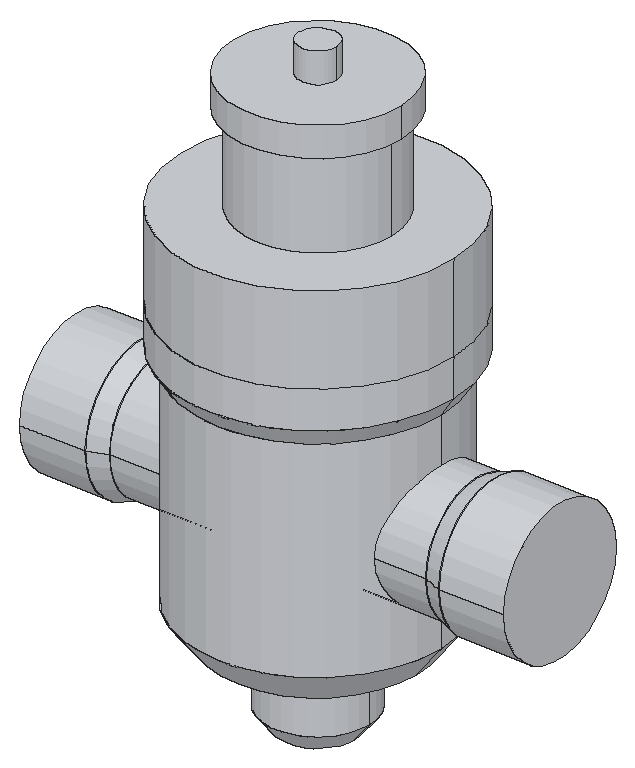
Revit family "VSX12P_DN15_PN16_RFA_2019", category Pipe Accessories, Revit 2019
Family settings
  Round Connector Dimension = Use Diameter
  Part Type = Valve - Breaks Into
  Work Plane-Based = No
  Always vertical = Yes
  Cut with Voids When Loaded = No
  Shared = No
Parameters (values of type "VSX12P G1/2  PN16 kvs1,0")
  magiProductId = ""
  magiProductFamilyId = ""
  magiPartTypeId = 306
  isMeasuringValve [instance] = no
  ang2D [instance] = 0.00°
  Z8 = 4 mm
  Z7__ve = -Z7  # -3.2 mm
  Z7 = 3.2 mm
  Z5 = 9.45 mm
  Z3 = 2 mm
  Z2 = 4.6 mm
  Z1 = 3.45 mm
  X4__ve = -X4  # -7 mm
  X4 = 7 mm
  X3 = 34 mm
  W2D = 15 mm
  VersionID = ""
  Use Minimum Symbol Size [instance] = yes
  URL = "www.hydronix.cz"
  Type Comments = "Závitový, vnější závit, ploché těsnění; LIN charakteristika; PN16; +5~+95°C; max.rychlost proudění 3,0 m/s"
  R9 = 9 mm
  R8 = 2 mm
  R7 = 14.63 mm
  R6 = 10.64 mm
  R5 = 6.703 mm
  R4 = 5.586 mm
  R3 = 3.99 mm
  R2 = 13.3 mm
  R10 = 8 mm
  R1 = 6.75 mm
  QmdConnectorList = "301;D;302;D"
  Productdata [instance] = ""
  Manufacturer = "Hydronix"
  MC Product Code = "VSX12P (G1/2\"; dpmax=250kPa; kvs 1,0)"
  LT2 = 19 mm
  L2D_Min = 3048 mm
  L2D = 38 mm
  H1 = 22.5 mm
  H = 27 mm
  E = 16 mm
  Description = "2 cestný regulační ventil malých spotřebičů, DN15; zdvih 2,5mm; max dp 250kPa; kvs1,0"
  DT2 = 7.5 mm
  D = 15 mm
  CAT0 = yes
  C = 23 mm
Types (8, lengths in mm): name | Z5 | Z2 | Z1 | X3 | R7 | R6 | R5 | R4 | R3 | R2 | R1 | MC Product Code | LT2 | H | Description | DT2 | D | C
  VSX09P G1/2  PN16 kvs0,25 | 9.45 | 4.6 | 3.45 | 34 | 14.63 | 10.64 | 6.703 | 5.586 | 3.99 | 13.3 | 6.75 | "VSX09P (G1/2\"; dpmax=250kPa; kvs 0,25)" | 19 | 27 | "2 cestný regulační ventil malých spotřebičů, DN15; zdvih 2,5mm; max dp 250kPa; kvs0,25" | 7.5 | 15 | 23
  VSX10P G1/2  PN16 kvs0,4 | 9.45 | 4.6 | 3.45 | 34 | 14.63 | 10.64 | 6.703 | 5.586 | 3.99 | 13.3 | 6.75 | "VSX10P (G1/2\"; dpmax=250kPa; kvs 0,4)" | 19 | 27 | "2 cestný regulační ventil malých spotřebičů, DN15; zdvih 2,5mm; max dp 250kPa; kvs0,4" | 7.5 | 15 | 23
  VSX11P G1/2  PN16 kvs0,6 | 9.45 | 4.6 | 3.45 | 34 | 14.63 | 10.64 | 6.703 | 5.586 | 3.99 | 13.3 | 6.75 | "VSX11P (G1/2\"; dpmax=250kPa; kvs 0,6)" | 19 | 27 | "2 cestný regulační ventil malých spotřebičů, DN15; zdvih 2,5mm; max dp 250kPa; kvs0,6" | 7.5 | 15 | 23
  VSX12P G1/2  PN16 kvs1,0 | 9.45 | 4.6 | 3.45 | 34 | 14.63 | 10.64 | 6.703 | 5.586 | 3.99 | 13.3 | 6.75 | "VSX12P (G1/2\"; dpmax=250kPa; kvs 1,0)" | 19 | 27 | "2 cestný regulační ventil malých spotřebičů, DN15; zdvih 2,5mm; max dp 250kPa; kvs1,0" | 7.5 | 15 | 23
  VSX13P G1/2  PN16 kvs1,6 | 9.45 | 4.6 | 3.45 | 34 | 14.63 | 10.64 | 6.703 | 5.586 | 3.99 | 13.3 | 6.75 | "VSX13P (G1/2\"; dpmax=250kPa; kvs 1,6)" | 19 | 27 | "2 cestný regulační ventil malých spotřebičů, DN15; zdvih 2,5mm; max dp 250kPa; kvs1,6" | 7.5 | 15 | 23
  VSX21P G3/4  PN16 kvs2,5 | 9.1 | 4.8 | 3.6 | 38 | 16.17 | 11.76 | 7.409 | 6.174 | 4.41 | 14.7 | 9 | "VSX21P (G3/4\"; dpmax=150kPa; kvs 2,5)" | 21 | 26 | "2 cestný regulační ventil malých spotřebičů, DN20; zdvih 2,5mm; max dp 150kPa; kvs2,5" | 10 | 20 | 24
  VSX24P G3/4  PN16 kvs4,0 | 9.1 | 4.8 | 3.6 | 38 | 16.17 | 11.76 | 7.409 | 6.174 | 4.41 | 14.7 | 9 | "VSX24P (G3/4\"; dpmax=150kPa; kvs 4,0)" | 21 | 26 | "2 cestný regulační ventil malých spotřebičů, DN20; zdvih 2,5mm; max dp 150kPa; kvs4,0" | 10 | 20 | 24
  VSX26P G3/4  PN16 kvs6,0 | 9.1 | 4.8 | 3.6 | 38 | 16.17 | 11.76 | 7.409 | 6.174 | 4.41 | 14.7 | 9 | "VSX26P (G3/4\"; dpmax=150kPa; kvs 6,0)" | 21 | 26 | "2 cestný regulační ventil malých spotřebičů, DN20; zdvih 2,5mm; max dp 150kPa; kvs6,0" | 10 | 20 | 24
Reference planes
  plane 1 "Center (Front/Back)": y = 0
  plane 2 "XYPLANE": z = 0
  plane 3 "Center (Left/Right)": x = 0
  plane 4 "271": z = 36.6
  plane 5 "254": z = 11.55
  plane 6 "253": z = 17.55
  plane 7 "148": z = 39.8
  plane 8 "132": z = 43
  plane 9 "62": z = 13.55
  plane 10 "53": z = 27
  plane 11 "52": z = -10.95
  plane 12 "48": z = -14.4
  plane 13 "47": z = -16.4
  plane 14 "38": z = -21
  plane 15 "37": x = 17
  plane 16 "36": x = 19
  plane 17 "23": z = -23
  plane 18 "19": x = -17
  plane 19 "15": x = -19
  plane 20 "6": x = 26
  plane 21 "5": x = -26
  plane 22 "3": z = 0
  plane 23 "2": y = 0
  plane 24 "1": x = 0
Forms (mm)
  Extrusion 1, solid, visible <- "CAT0"
    sketch origin (-750, 0, 43) x (1, 0, 0) y (0, 1, 0)
      loop
        circle (750, 0) r 2
    from 0 to -3.2 <- "Z7__ve"
  Extrusion 2, solid, visible <- "CAT0"
    sketch origin (-750, 0, 36.6) x (1, 0, 0) y (0, 1, 0)
      loop
        circle (750, 0) r 8
    from 0 to -19
  Extrusion 3, solid, visible <- "CAT0"
    sketch origin (-17, -750, 0) x (0, 1, 0) y (0, 0, 1)
      loop
        circle (750, 0) r 6.75
    from 0 to 34 <- "X3"
  Extrusion 4, solid
    sketch origin (-750, 0, 13.55) x (1, 0, 0) y (0, 1, 0)
      loop
        circle (750, 0) r 14.63
    from 0 to 4 <- "Z8"
  Extrusion 5, solid
    sketch origin (-750, 0, 39.8) x (1, 0, 0) y (0, 1, 0)
      loop
        circle (750, 0) r 9
    from 0 to -3.2 <- "Z7__ve"
  Extrusion 6, solid
    sketch origin (-750, 0, 17.55) x (1, 0, 0) y (0, 1, 0)
      loop
        circle (750, 0) r 14.63
    from 0 to 9.45 <- "Z5"
  Blend 7, solid
    base sketch origin (-750, 0, 11.55) x (1, 0, 0) y (0, 1, 0)
      loop
        circle (750, 0) r 13.3
    top sketch origin (-750, 0, 11.55) x (1, 0, 0) y (0, 1, 0)
      loop
        circle (750, 0) r 14.63
    from 0 to 2
  Blend 8, solid
    base sketch origin (-750, 0, -10.95) x (1, 0, 0) y (0, 1, 0)
      loop
        circle (750, 0) r 13.3
    top sketch origin (-750, 0, -10.95) x (1, 0, 0) y (0, 1, 0)
      loop
        circle (750, 0) r 10.64
    from 0 to -3.45
  Blend 9, solid
    base sketch origin (-750, 0, -14.4) x (1, 0, 0) y (0, 1, 0)
      loop
        circle (750, 0) r 6.703
    top sketch origin (-750, 0, -14.4) x (1, 0, 0) y (0, 1, 0)
      loop
        circle (750, 0) r 5.586
    from 0 to -2
  Extrusion 10, solid
    sketch origin (-750, 0, -21) x (1, 0, 0) y (0, 1, 0)
      loop
        circle (750, 0) r 5.586
    from 0 to 4.6 <- "Z2"
  Blend 11, solid
    base sketch origin (-750, 0, -23) x (1, 0, 0) y (0, 1, 0)
      loop
        circle (750, 0) r 3.99
    top sketch origin (-750, 0, -23) x (1, 0, 0) y (0, 1, 0)
      loop
        circle (750, 0) r 5.586
    from 0 to 2
  Extrusion 12, solid
    sketch origin (26, -750, 0) x (0, 1, 0) y (0, 0, 1)
      loop
        circle (750, 0) r 7.5
    from 0 to -7 <- "X4__ve"
  Blend 13, solid
    base sketch origin (19, -750, 0) x (0, 1, 0) y (0, 0, 1)
      loop
        circle (750, 0) r 7.5
    top sketch origin (19, -750, 0) x (0, 1, 0) y (0, 0, 1)
      loop
        circle (750, 0) r 6.75
    from 0 to -2
  Extrusion 14, solid
    sketch origin (-750, 0, -10.95) x (1, 0, 0) y (0, 1, 0)
      loop
        circle (750, 0) r 13.3
    from 0 to 22.5 <- "H1"
  Blend 15, solid
    base sketch origin (-19, -750, 0) x (0, 1, 0) y (0, 0, 1)
      loop
        circle (750, 0) r 7.5
    top sketch origin (-19, -750, 0) x (0, 1, 0) y (0, 0, 1)
      loop
        circle (750, 0) r 6.75
    from 0 to 2
  Extrusion 16, solid
    sketch origin (-26, -750, 0) x (0, 1, 0) y (0, 0, 1)
      loop
        circle (750, 0) r 7.5
    from 0 to 7 <- "X4"
  Extrusion 17, solid, not visible
    sketch origin (19, -750, 0) x (0, 1, 0) y (0, 0, 1)
      loop
        circle (750, 0) r 10
    from 0 to -10
  Extrusion 18, solid, not visible
    sketch origin (-19, -750, 0) x (0, 1, 0) y (0, 0, 1)
      loop
        circle (750, 0) r 10
    from 0 to 10
Lines and regions (mm)
  reference lines, not visible
    curve 1: circle (2, 2, 0) r 1 normal (0, 0, 1)
Dimensions and locks
  plane 1 "Center (Front/Back)" to curve 1 = 2 mm
  "Z7": plane 7 "148" to plane 4 "271"
  "Z3": plane 9 "62" to plane 5 "254"
  "Z5": plane 10 "53" to plane 6 "253"
  "Z7": plane 8 "132" to plane 7 "148"
  "E": plane 10 "53" to plane 8 "132"
  "Z8": plane 6 "253" to plane 9 "62"
  "H": plane 2 "XYPLANE" to plane 10 "53"
  "Z1": plane 12 "48" to plane 11 "52"
  "Z3": plane 13 "47" to plane 12 "48"
  "Z2": plane 14 "38" to plane 13 "47"
  "Z3": plane 17 "23" to plane 14 "38"
  locked: plane 16 "36" to plane 15 "37" at 2
  "LT2": plane 3 "Center (Left/Right)" to plane 16 "36"
  "C": plane 2 "XYPLANE" to plane 17 "23"
  locked: plane 19 "15" to plane 18 "19" at 2
  "LT2": plane 3 "Center (Left/Right)" to plane 19 "15"
  "X4": plane 16 "36" to plane 20 "6"
  "X4": plane 19 "15" to plane 21 "5"
  locked: plane 2 "XYPLANE" to plane 22 "3"
  locked: plane 1 "Center (Front/Back)" to plane 23 "2"
  locked: plane 3 "Center (Left/Right)" to plane 24 "1"
  "R8": radius of Extrusion 1 sketch curve
  "R10": radius of Extrusion 2 sketch curve
  "R1": radius of Extrusion 3 sketch curve
  "R7": radius of Extrusion 4 sketch curve
  "R9": radius of Extrusion 5 sketch curve
  "R7": radius of Extrusion 6 sketch curve
  "R7": radius of Blend 7 sketch curve
  "R2": radius of Blend 7 sketch curve
  "R6": radius of Blend 8 sketch curve
  "R2": radius of Blend 8 sketch curve
  "R4": radius of Blend 9 sketch curve
  "R5": radius of Blend 9 sketch curve
  "R4": radius of Extrusion 10 sketch curve
  "R4": radius of Blend 11 sketch curve
  "R3": radius of Blend 11 sketch curve
  "DT2": radius of Extrusion 12 sketch curve
  "R1": radius of Blend 13 sketch curve
  "DT2": radius of Blend 13 sketch curve
  "R2": radius of Extrusion 14 sketch curve
  "R1": radius of Blend 15 sketch curve
  "DT2": radius of Blend 15 sketch curve
  "DT2": radius of Extrusion 16 sketch curve
  aligned and locked: level to plane 2 "XYPLANE"
  aligned and locked: plane 23 "2" to Extrusion 1 sketch curve
  aligned and locked: plane 24 "1" to Extrusion 1 sketch curve
  aligned and locked: plane 23 "2" to Extrusion 2 sketch curve
  aligned and locked: plane 24 "1" to Extrusion 2 sketch curve
  aligned and locked: plane 22 "3" to Extrusion 3 sketch curve
  aligned and locked: Extrusion 3 sketch curve to plane 23 "2"
  aligned and locked: plane 23 "2" to Extrusion 4 sketch curve
  aligned and locked: plane 24 "1" to Extrusion 4 sketch curve
  aligned and locked: plane 23 "2" to Extrusion 5 sketch curve
  aligned and locked: plane 24 "1" to Extrusion 5 sketch curve
  aligned and locked: plane 23 "2" to Extrusion 6 sketch curve
  aligned and locked: plane 24 "1" to Extrusion 6 sketch curve
  aligned and locked: plane 23 "2" to Blend 7 sketch curve  (x2)
  aligned and locked: plane 24 "1" to Blend 7 sketch curve  (x2)
  aligned and locked: plane 9 "62" to Blend 7
  aligned and locked: plane 23 "2" to Blend 8 sketch curve  (x2)
  aligned and locked: plane 24 "1" to Blend 8 sketch curve  (x2)
  aligned and locked: Blend 8 to plane 12 "48"
  aligned and locked: plane 23 "2" to Blend 9 sketch curve  (x2)
  aligned and locked: plane 24 "1" to Blend 9 sketch curve  (x2)
  aligned and locked: Blend 9 to plane 13 "47"
  aligned and locked: plane 23 "2" to Extrusion 10 sketch curve
  aligned and locked: plane 24 "1" to Extrusion 10 sketch curve
  aligned and locked: plane 23 "2" to Blend 11 sketch curve  (x2)
  aligned and locked: plane 24 "1" to Blend 11 sketch curve  (x2)
  aligned and locked: plane 14 "38" to Blend 11
  aligned and locked: plane 22 "3" to Extrusion 12 sketch curve
  aligned and locked: Extrusion 12 sketch curve to plane 23 "2"
  aligned and locked: plane 22 "3" to Blend 13 sketch curve  (x2)
  aligned and locked: Blend 13 sketch curve to plane 23 "2"  (x2)
  aligned and locked: Blend 13 to plane 15 "37"
  aligned and locked: plane 23 "2" to Extrusion 14 sketch curve
  aligned and locked: plane 24 "1" to Extrusion 14 sketch curve
  aligned and locked: plane 22 "3" to Blend 15 sketch curve  (x2)
  aligned and locked: Blend 15 sketch curve to plane 23 "2"  (x2)
  aligned and locked: plane 18 "19" to Blend 15
  aligned and locked: plane 22 "3" to Extrusion 16 sketch curve
  aligned and locked: Extrusion 16 sketch curve to plane 23 "2"
  aligned and locked: plane 22 "3" to Extrusion 17 sketch curve
  aligned and locked: Extrusion 17 sketch curve to plane 23 "2"
  aligned and locked: plane 22 "3" to Extrusion 18 sketch curve
  aligned and locked: Extrusion 18 sketch curve to plane 23 "2"
Automatic sketch dimensions
  plane 1 "Center (Front/Back)" to Extrusion 17 sketch curve = 10 mm
  plane 1 "Center (Front/Back)" to Extrusion 18 sketch curve = 10 mm
  plane 3 "Center (Left/Right)" to curve 1 = 2 mm
  radius of curve 1 = 1 mm
Connectors
  piping at (-19, 0, 0), diameter 15, driven by "D"
    settings: on Extrusion 18, index 1, connector inside diameter 609.6 mm, connector length 0 mm, flow factor 0, pipe flow 0.0 L/s, pressure drop 0.0 Pa, fitting loss kfactor 0, connector angle 0.00°, fixture units 0, engagement length 0 mm, angle of deflection 0.00°, flow configuration 0, flow direction 0, fitting loss method 0, system type 29, joint type 0, gender type 0, connector reference index 2, connector utility 0, adjustable connector no, is connector primary yes, connector description ""
  piping at (19, 0, 0), diameter 15, driven by "D"
    settings: on Extrusion 17, index 2, connector inside diameter 609.6 mm, connector length 0 mm, flow factor 0, pipe flow 0.0 L/s, pressure drop 0.0 Pa, fitting loss kfactor 0, connector angle 0.00°, fixture units 0, engagement length 0 mm, angle of deflection 0.00°, flow configuration 0, flow direction 0, fitting loss method 0, system type 29, joint type 0, gender type 0, connector reference index 1, connector utility 0, adjustable connector no, is connector primary no, connector description ""
